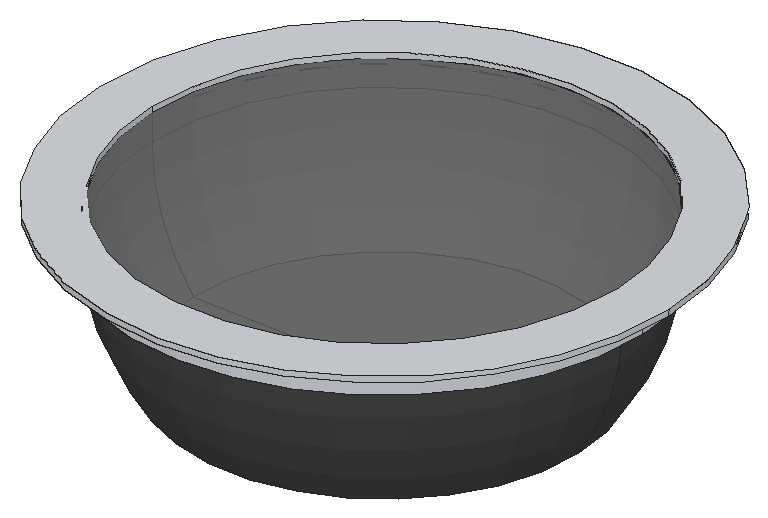
Revit family "3031607", category Lighting Fixtures, host Face, Revit 2018
Family settings
  Host = Face
  Round Connector Dimension = Use Diameter
  Part Type = Normal
  OmniClass Number = 23.80.70.11.17
  OmniClass Title = Specialized Lighting by Location or Use
  Cut with Voids When Loaded = No
  Light Source = Yes
  Shared = No
  Room Calculation Point = No
Parameters (values of type "3031607 SYL-LIGHTER 110 LED 12W NW DIM")
  Weight = 1.10 kg
  Wattage = 21 W
  built-in parameter 1150110 = 1 (stored number, unit not read)
  Voltage Comments = "UNV (Universal Voltage; 220-240 Volt)"  # constant formula
  Voltage = 240 V  # constant formula
  URL = "0"
  built-in parameter 1114217 = 1 (stored number, unit not read)
  Tilt Angle = -90.00°  # constant formula
  built-in parameter 1150109 = 1 (stored number, unit not read)
  built-in parameter 1150134 = 12
  T Class Min = -1 °C
  T Class Max = -1 °C
  built-in parameter 1150113 = 1 (stored number, unit not read)
  Recessed Depth = Height  # 60.0 mm
  LOR = "1"
  Keynote = "n/a"
  IP Rating = "IP44"  # constant formula
  IK Rating = "IK02"  # constant formula
  Catalog Number = "3031605 Syl-Lighter 220 LED 21W NW"
  Body Material = Metal_Sylvania_Syl-Lighter LED_Silver
  Product Page URL = ""
  Product Family = "SYL-LIGHTER LED ROUND - 4,000K LAMP"  # constant formula
  Photometry Comments = ""
  Photometric Web File = "3031607.ies"
  built-in parameter 1150105 = 128.68 (stored number, unit not read)
  Lumens = 1617 lm
  built-in parameter 1150115 = 1 (stored number, unit not read)
  built-in parameter 1150137 = (empty or 0)
  built-in parameter 1150139 = (empty or 0)
  Life = "50 000"  # constant formula
  built-in parameter 1150112 = 1 (stored number, unit not read)
  built-in parameter 1150114 = 1 (stored number, unit not read)
  Lamp Comments = "Integrated LED"
  built-in parameter 1150132 = 2
  built-in parameter 1150102 = (empty or 0)
  built-in parameter 1150107 = 4000 (stored number, unit not read)
  built-in parameter 1150138 = (empty or 0)
  built-in parameter 1150106 = 1.2868 (stored number, unit not read)
  Glow Wire Test = 960 °C
  Emit from Circle Diameter = Diffuser Diameter  # 180.0 mm
  Emit Shape Visible in Rendering = no
  built-in parameter 1150104 = 7.1535 (stored number, unit not read)
  Drive Current = "500mA"  # constant formula
  Dimming Lamp Color Temperature Shift = <None>
  Diffuser Radius = Diffuser Diameter / 2  # 90.0 mm
  Diffuser Diameter = Diameter - 20.0 mm  # 180.0 mm
  Inner Diameter = Diameter - 4.0 mm  # 196.0 mm
  Cutout Diameter = Diameter  # 200.0 mm
  Color Filter = 16777215
  CRI ( Ra ) = 80
  Beam Angle = 74.00°
  built-in parameter 1114218 = 1 (stored number, unit not read)
  built-in parameter 1150133 = 10 (stored number, unit not read)
  Height = 60.0 mm
  Electrical Protection = "CLASS II"  # constant formula
  built-in parameter 1114216 [instance] = 1 (stored number, unit not read)
  Model = "SYL-LIGHTER 110 LED 12W NW DIM"
  Manufacturer = ""
  Lamp = "n/a"
  Diffuser Material = Polycarbonate_Sylvania_Syl-Lighter LED_Opal
  Description = "Syl-lighter Round is available in 3 different body sizes: 165mm, 195mm & 220mm. High lumen output - up to 1,742lm. High efficiency - up to 80.9lm. Choice of 3,000K warm white or 4,000K neutral white colour temperature. Small recessed depth (<60mm)"  # constant formula
  Default Elevation = 0.0 mm
  built-in parameter 1140040 [instance] = 1
  Assembly Code = "D5020200"
  Apparent Load Comments = ""
  Apparent Load = 12 VA
  Accessory Radius = Accessory Diameter / 2  # 110.0 mm
  Accessory Material = Aluminum_Sylvania_Syl-Lighter LED_White
  Diameter = 200.0 mm
  Accessory Diameter = Diameter + 20.0 mm  # 220.0 mm
Reference planes
  plane 1 "Center (Front/Back)": y = 0
  plane 2: z = 0
  plane 3 "Center (Left/Right)": x = 0
  plane 4 "Fixture Bottom": z = 2
  plane 5: z = -10
  plane 6 "Fixture Top": z = -60
  plane 7: z = -2
Forms (mm)
  Extrusion 1, void
    sketch origin (0, 0, 58) x (-1, 0, 0) y (0, -1, 0)
      loop
        circle (0, 0) r 100
    from -171 to -55
  Extrusion 2, solid, detail levels fine
    sketch origin (0, 0, 58) x (-1, 0, 0) y (0, -1, 0)
      loop
        circle (0, 0) r 100
      loop
        circle (0, 0) r 98
    from -68 to -58
  Extrusion 3, solid, detail levels fine
    sketch origin (0, 0, 58) x (-1, 0, 0) y (0, -1, 0)
      loop
        circle (0, 0) r 110
      loop
        circle (0, 0) r 90
    from -58 to -56
  Extrusion 4, solid, material "Polycarbonate_Sylvania_Syl-Lighter LED_Opal" <- "Diffuser Material", detail levels fine
    sketch origin (0, 0, 58) x (-1, 0, 0) y (0, -1, 0)
      loop
        circle (0, 0) r 90
    from -60 to -58
  Revolve 5, solid, material "Metal_Sylvania_Syl-Lighter LED_Silver" <- "Body Material", detail levels fine
    sketch origin (0, 0, 0) x (1, 0, 0) y (0, 0, 1)
      loop
        line (-90, 0) -> (-92, 0) -> (-92, -10)
        arc (-92, -10) -> (-87.634, -36.405) -> (-75, -60) r 82.029
        line (-75, -60) -> (0, -60) -> (0, -58) -> (-74.007, -58)
        arc (-74.007, -58) -> (-85.897, -35.297) -> (-90, -10) r 80.029
        line (-90, -10) -> (-90, 0)
      axis (0, -60) -> (0, 0)
    angle from 0 to 360
  Revolve 6, solid, material "Aluminum_Sylvania_Syl-Lighter LED_White" <- "Accessory Material", detail levels coarse+medium
    sketch origin (0, 0, 0) x (1, 0, 0) y (0, 0, 1)
      loop
        line (-110, 2) -> (-110, 0) -> (-100, 0) -> (-100, -10) -> (-92, -10)
        arc (-92, -10) -> (-87.634, -36.405) -> (-75, -60) r 82.029
        line (-75, -60) -> (0, -60) -> (0, 2) -> (-110, 2)
      axis (0, 2) -> (0, -60)
    angle from 0 to 360
Cuts and joins
  joined: Extrusion 2, Extrusion 3
Dimensions and locks
  locked: plane 4 "Fixture Bottom" to plane 2 at 2
  locked: plane 2 to plane 5 at 10
  "Height": plane 2 to plane 6 "Fixture Top"
  locked: plane 2 to plane 7 at 2
  "Diffuser Radius": plane 3 "Center (Left/Right)" to Revolve 5 sketch curve
  locked: Revolve 5 sketch curve to Revolve 5 sketch curve at 2
  locked: Revolve 5 sketch curve to Revolve 5 sketch curve at 15
  "Accessory Radius": plane 3 "Center (Left/Right)" to Revolve 6 sketch curve
  locked: Revolve 6 sketch curve to Revolve 6 sketch curve at 10
  locked: Revolve 6 sketch curve to Revolve 6 sketch curve at 18
  locked: Revolve 6 sketch curve to Revolve 6 sketch curve at 35
  "Cutout Diameter": diameter of Extrusion 1 sketch curve
  "Diameter": diameter of Extrusion 2 sketch curve
  "Inner Diameter": diameter of Extrusion 2 sketch curve
  "Accessory Diameter": diameter of Extrusion 3 sketch curve
  "Diffuser Diameter": diameter of Extrusion 3 sketch curve
  "Diffuser Diameter": diameter of Extrusion 4 sketch curve
  aligned and locked: host face to plane 2
  aligned and locked: host face to level
  aligned and locked: plane 4 "Fixture Bottom" to Extrusion 3
  aligned and locked: Extrusion 3 to plane 2
  aligned and locked: Extrusion 2 to plane 5
  aligned and locked: plane 2 to Extrusion 2
  aligned and locked: Extrusion 4 to plane 7
  aligned and locked: plane 2 to Extrusion 4
  aligned and locked: Revolve 5 sketch curve to plane 2
  aligned and locked: plane 5 to Revolve 5 sketch curve  (x2)
  aligned and locked: Revolve 5 sketch curve to plane 3 "Center (Left/Right)"
  aligned and locked: plane 3 "Center (Left/Right)" to Revolve 5 sketch curve
  aligned and locked: Revolve 6 sketch curve to plane 5
  aligned and locked: Revolve 6 sketch curve to plane 2
  aligned and locked: Revolve 6 sketch curve to plane 4 "Fixture Bottom"
  aligned and locked: plane 3 "Center (Left/Right)" to Revolve 6 sketch curve
  aligned and locked: Revolve 6 sketch curve to plane 3 "Center (Left/Right)"
  aligned and locked: plane 3 "Center (Left/Right)" to imposter light
  aligned and locked: imposter light to plane 1 "Center (Front/Back)"
  aligned and locked: imposter light to plane 4 "Fixture Bottom"
Automatic sketch dimensions
  host sketch curve to host sketch curve = 700.0 mm
  host sketch curve to host sketch curve = 620.0 mm
  plane 1 "Center (Front/Back)" to Extrusion 1 sketch curve = 0.0 mm
  Extrusion 1 sketch curve to plane 3 "Center (Left/Right)" = 0.0 mm
  Extrusion 2 sketch curve to Extrusion 2 sketch curve = 0.0 mm  (x2)
  plane 1 "Center (Front/Back)" to Extrusion 2 sketch curve = 0.0 mm
  Extrusion 2 sketch curve to plane 3 "Center (Left/Right)" = 0.0 mm
  Extrusion 3 sketch curve to Extrusion 3 sketch curve = 0.0 mm  (x2)
  plane 1 "Center (Front/Back)" to Extrusion 3 sketch curve = 0.0 mm
  Extrusion 3 sketch curve to plane 3 "Center (Left/Right)" = 0.0 mm
  plane 1 "Center (Front/Back)" to Extrusion 4 sketch curve = 0.0 mm
  Extrusion 4 sketch curve to plane 3 "Center (Left/Right)" = 0.0 mm
  Revolve 5 sketch curve to Revolve 5 sketch curve = 0.0 mm
  Revolve 5 sketch curve to plane 6 "Fixture Top" = 0.0 mm
  plane 6 "Fixture Top" to Revolve 5 sketch curve = 2.0 mm
  Revolve 5 sketch curve to Revolve 5 sketch curve = 17.111 mm
  plane 4 "Fixture Bottom" to Revolve 5 sketch curve = 20.889 mm
  Revolve 6 sketch curve to plane 6 "Fixture Top" = 0.0 mm
  Revolve 6 sketch curve to Revolve 6 sketch curve = 63.885 mm
  Revolve 6 sketch curve to Revolve 6 sketch curve = 84.115 mm
Connectors
  electrical at (0, 0, -60), driven by "Apparent Load", driven by "Voltage"
    settings: on Revolve 5, index 1, voltage 240 V, apparent load 0 VA, apparent load phase1 12 VA, apparent load phase2 0 VA, apparent load phase3 0 VA, power factor 1, load classification "Lighting", number of poles 1, system type 31, power factor state 1, is connector primary yes, connector utility no, sub classification motor no, connector description ""
